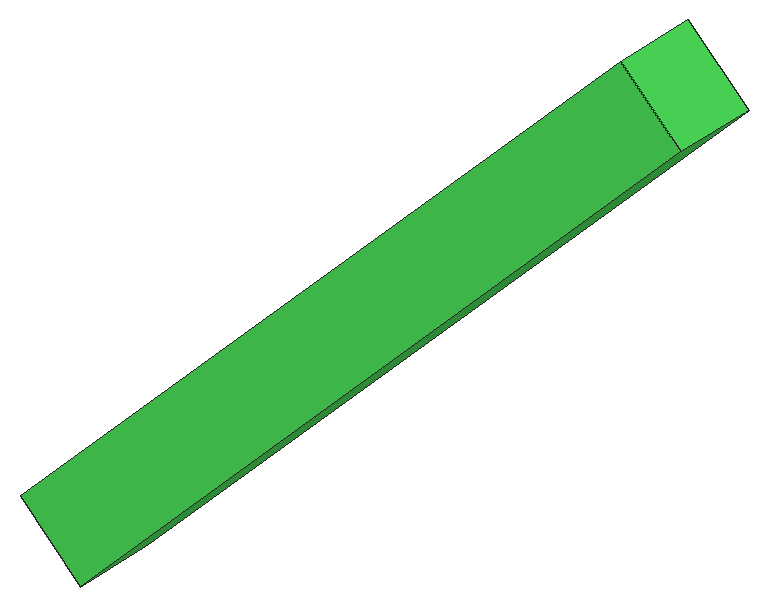
Revit family "機器サポート_等辺山形鋼 1", category Generic Models, Revit 2020
Family settings
  Can host rebar = No
  Round Connector Dimension = Use Diameter
  Part Type = Normal
  Work Plane-Based = Yes
  Always vertical = No
  Cut with Voids When Loaded = No
  Shared = No
  Room Calculation Point = No
Parameters (values of type "L 100 x 100")
  高さ = 100 mm
  長辺 [instance] = 長さ  # 1000 mm
  長さ [instance] = 1000 mm
  部屋名 = ""
  角度 [instance] = 45.00°
  Default Elevation = 1219.2 mm
  構造マテリアル = E003_機器サポート
  幅 = 100 mm
Types (18, lengths in mm): name | 高さ | 幅
  L 120 x 120 | 120 | 120
  L 130 x 130 | 130 | 130
  L 150 x 150 | 150 | 150
  L 175 x 175 | 175 | 175
  L 200 x 200 | 200 | 200
  L 25 x 25 | 25 | 25
  L 250 x 250 | 250 | 250
  L 30 x 30 | 30 | 30
  L 45 x 45 | 45 | 45
  L 50 x 50 | 50 | 50
  L 60 x 60 | 60 | 60
  L 65 x 65 | 65 | 65
  L 70 x 70 | 70 | 70
  L 75 x 75 | 75 | 75
  L 80 x 80 | 80 | 80
  L 90 x 90 | 90 | 90
  L 100 x 100 | 100 | 100
  L 40 x 40 | 40 | 40
Reference planes
  plane 1 "中心(正面/背面)": y = 0
  plane 2: z = 0
  plane 3 "中心(左/右)": x = 0
Lines and regions (mm)
  reference lines
    curve 1: line (0, 0, 0) -> (848.528, 0, 848.528)
    curve 2: line (35.355, 0, -35.355) -> (-35.355, 0, 35.355)
    curve 3: line (742.462, 0, 671.751) -> (671.751, 0, 742.462)
Dimensions and locks
  equal spacing: curve 2, curve 1, curve 2
  "高さ": curve 2 to curve 2
  equal spacing: curve 3, curve 1, curve 3
  "高さ": curve 3 to curve 3
  "長さ": curve 2 to curve 3
  "角度": angle level to curve 1
  angle curve 2 to curve 1 = 90.00°
  angle curve 3 to curve 1 = 90.00°
  aligned and locked: level to plane 2
  aligned and locked: level to curve 1
  aligned and locked: plane 3 "中心(左/右)" to curve 1
  aligned and locked: nested 1 to curve 1
Nested families
  nested 1: "グレーチング_等辺山形鋼" at (-35.355, 0, 35.355) x (0, 1, 0) z (0.7071, 0, -0.7071), 長さ <- "長さ", type "L 25 x 25"
    with 長辺 1000 mm, 長さ 1000 mm, 高さ 100 mm, 幅 100 mm
Definition of nested family "グレーチング_等辺山形鋼"
  Parameters (values of type "L 25 x 25")
    高さ = 25 mm
    長辺 [instance] = 長さ  # 1000 mm
    長さ [instance] = 1000 mm
    部屋名 = ""
    Default Elevation = 1219.2 mm
    構造マテリアル = none
    幅 = 25 mm
  Reference planes
    plane 1 "中心(正面/背面)": y = 0
    plane 2: z = 0
    plane 3 "中心(左/右)": x = 0
    plane 4: z = 12.5
    plane 5: z = 25
  Forms (mm)
    Extrusion 1, solid, material <- "構造マテリアル"
      sketch origin (0, 0, 0) x (1, 0, 0) y (0, 1, 0)
        loop
          line (-12.5, 1000) -> (-12.5, 0) -> (12.5, 0) -> (12.5, 1000) -> (-12.5, 1000)
      from 0 to 25
  Lines and regions (mm)
    reference lines
      curve 1: line (12.5, 1000, 0) -> (-12.5, 1000, 0)
      curve 2: line (12.5, 0, 0) -> (-12.5, 0, 0)
  Dimensions and locks
    "長さ": curve 1 to curve 2
    "幅": Extrusion 1 to Extrusion 1
    equal spacing: Extrusion 1, plane 3 "中心(左/右)", Extrusion 1
    "幅": curve 1 to curve 1
    equal spacing: curve 1, plane 3 "中心(左/右)", curve 1
    "幅": curve 2 to curve 2
    equal spacing: curve 2, plane 3 "中心(左/右)", curve 2
    equal spacing: plane 5, plane 4, level
    "高さ": plane 5 to level
    aligned and locked: level to plane 2
    aligned and locked: Extrusion 1 to curve 2
    aligned and locked: curve 1 to Extrusion 1
    aligned and locked: plane 5 to Extrusion 1
  Automatic sketch dimensions
    Extrusion 1 sketch curve to plane 3 "中心(左/右)" = 12.5 mm
    plane 3 "中心(左/右)" to Extrusion 1 sketch curve = 12.5 mm
    plane 1 "中心(正面/背面)" to Extrusion 1 sketch curve = 0 mm
    Extrusion 1 sketch curve to plane 1 "中心(正面/背面)" = 1000 mm
    plane 1 "中心(正面/背面)" to curve 2 = 0 mm
